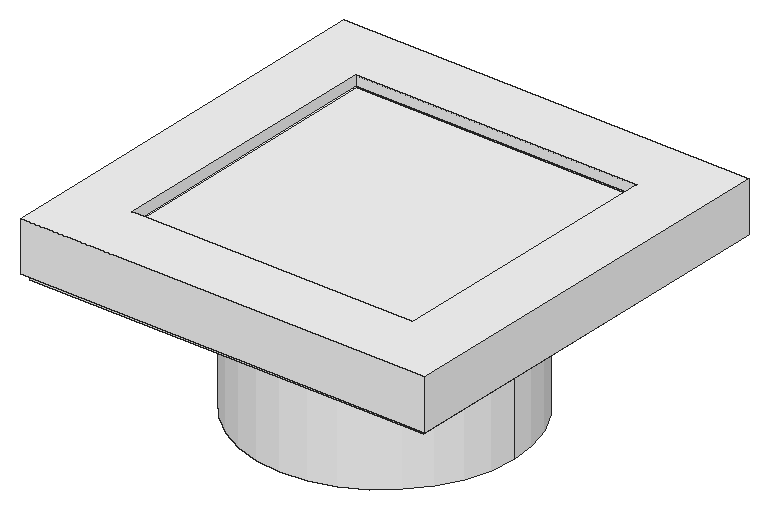
Revit family "Gira_228203", category Electrical Fixtures, host Face, Revit 2017
Family settings
  Host = Face
  Maintain Annotation Orientation = Yes
  Round Connector Dimension = Use Diameter
  Part Type = Normal
  Cut with Voids When Loaded = No
  Shared = No
  Room Calculation Point = No
Parameters (values of type "Lautsprecher UP-Radio RDS System 55 Reinweiß")
  Zusammenstellung = "Basiselement mit Gehäuse-Oberteil"
  White [instance] = White
  Werkstoffgüte = "sonstige"
  Werkstoff = "sonstige"
  URL = "http://katalog.gira.de/de_DE/datenblatt.html?artikelnr=228203"
  Region = "DE"
  RAL-Nummer (ähnlich) = "9010 "
  Oberfläche = "sonstige"
  Name = "Lautsprecher UP-Radio RDS System 55 Reinweiß"
  Montageart = "unter Putz"
  Model = "Sys55_Komplettgerät_Schalten und Tasten"
  Manufacturer URL = "https://www.gira.de/"
  HeinzeBIM = "https://bimportal.heinze.de/bim/lautsprecher-up-radio-rds-system-55-reinweiss/dab982c8373f6ce121e564af653b5a752f21be49"
  Halogenfrei = "Yes"
  HAN = "228203"
  GTIN = "4010337076247"
  Farbe = "weiß"
  Default Elevation = 1219.2 mm
  Data sheet (1) = "https://katalog.gira.de/de_DE/download.html?artikelnr=228203"
  Category = "Elektronik-Gerät für Installationsschalterprogramme"
  Befestigungsart = "Krallen-/Schraubbefestigung"
  Available = "Yes"
  Ausführung der Oberfläche = "glänzend"
  Ausführung = "Radio (*en-EN)"
Reference planes
  plane 1 "Center (Front/Back)": y = 0
  plane 2: z = 0
  plane 3 "Center (Left/Right)": x = 0
Forms (mm)
  Extrusion 1, solid, material "White" <- "White", detail levels medium
    sketch origin (0, 0, 0) x (1, 0, 0) y (0, 1, 0)
      loop
        line (-40.4, 40.4) -> (-40.4, -40.4) -> (40.4, -40.4) -> (40.4, 40.4) -> (-40.4, 40.4)
      loop
        line (-28, 28) -> (-28, -28) -> (28, -28) -> (28, 28) -> (-28, 28)
    from 0 to 10
  Extrusion 2, solid, material "White" <- "White", detail levels fine
    sketch origin (0, 0, 0) x (1, 0, 0) y (0, 1, 0)
      loop
        line (-40.4, 40.4) -> (-40.4, -40.4) -> (40.4, -40.4) -> (40.4, 40.4) -> (-40.4, 40.4)
      loop
        line (-28, 28) -> (-28, -28) -> (28, -28) -> (28, 28) -> (-28, 28)
    from 0 to 10
  Extrusion 3, void
    sketch origin (0, 0, 0) x (1, 0, 0) y (0, 1, 0)
      loop
        line (-38.4, 38.4) -> (-38.4, -38.4) -> (38.4, -38.4) -> (38.4, 38.4) -> (-38.4, 38.4)
    from 0 to 8
  Extrusion 4, solid, material "White" <- "White", detail levels medium+fine
    sketch origin (0, 0, 0) x (1, 0, 0) y (0, 1, 0)
      loop
        line (-39.4, 39.4) -> (-39.4, -39.4) -> (39.4, -39.4) -> (39.4, 39.4) -> (-39.4, 39.4)
    from 0 to -1
  Extrusion 5, solid, material "White" <- "White", detail levels medium+fine
    sketch origin (0, 0, 0) x (1, 0, 0) y (0, 1, 0)
      loop
        line (-35.5, 35.5) -> (-35.5, -35.5) -> (35.5, -35.5) -> (35.5, 35.5) -> (-35.5, 35.5)
    from -2 to -3
  Extrusion 6, solid, material "White" <- "White", detail levels medium+fine
    sketch origin (0, 0, 0) x (1, 0, 0) y (0, 1, 0)
      loop
        circle (0, 0) r 26
    from 0 to -27.5
  Extrusion 7, solid, material "White" <- "White", detail levels coarse
    sketch origin (0, 0, 0) x (1, 0, 0) y (0, 1, 0)
      loop
        line (-40.4, 40.4) -> (-40.4, -40.4) -> (40.4, -40.4) -> (40.4, 40.4) -> (-40.4, 40.4)
    from -27.5 to 10
Cuts and joins
  Extrusion 3 cuts Extrusion 2
Dimensions and locks
  aligned and locked: plane 2 to host face
  aligned and locked: level to host face
  aligned and locked: plane 3 "Center (Left/Right)" to nested 2
  aligned and locked: plane 1 "Center (Front/Back)" to nested 2
Nested families
  nested 1: "Sys55_Abdeckung_Schalten und Tasten_floor_base" at (0, 0, 0), type "Sys55_Abdeckung_Schalten und Tasten_floor_base"
  nested 2: "Schalter" at (0, 0, 0), type "Schalter"
Connectors
  electrical at (0, 0, -27.5)
    settings: on Extrusion 6, index 1, voltage 220 V, apparent load 0 VA, apparent load phase1 0 VA, apparent load phase2 0 VA, apparent load phase3 0 VA, power factor 1, load classification "Other", number of poles 1, system type 30, power factor state 1, is connector primary yes, connector utility no, sub classification motor no, connector description ""
Definition of nested family "Sys55_Abdeckung_Schalten und Tasten_floor_base"
  Parameters
    Default Elevation = 1219.2 mm
    White [instance] = none
  Reference planes
    plane 1 "Center (Front/Back)": y = 0
    plane 2: z = 0
    plane 3 "Center (Left/Right)": x = 0
  Forms (mm)
    Extrusion 1, solid
      sketch origin (0, 0, 0) x (1, 0, 0) y (0, 1, 0)
        loop
          line (-1219.2, 1219.2) -> (-1219.2, -1219.2) -> (1219.2, -1219.2) -> (1219.2, 1219.2) -> (-1219.2, 1219.2)
      from 0 to -304.8
    Extrusion 2, solid, material <- "White", detail levels fine
      sketch origin (0, 0, 0) x (1, 0, 0) y (0, 1, 0)
        loop
          line (-27.5, 27.5) -> (-27.5, -27.5) -> (27.5, -27.5) -> (27.5, 27.5) -> (-27.5, 27.5)
      from 0 to 8
    Extrusion 3, void
      sketch origin (0, 0, 0) x (1, 0, 0) y (0, 1, 0)
        loop
          line (26, 26) -> (-26, 26) -> (-26, -26) -> (26, -26) -> (26, 26)
      from 0 to 6
    Extrusion 4, solid, material <- "White", detail levels medium
      sketch origin (0, 0, 0) x (1, 0, 0) y (0, 1, 0)
        loop
          line (-27.5, 27.5) -> (-27.5, -27.5) -> (27.5, -27.5) -> (27.5, 27.5) -> (-27.5, 27.5)
      from 0 to 8
    Extrusion 5, solid, material <- "White", detail levels medium
      sketch origin (0, 0, 0) x (1, 0, 0) y (0, 1, 0)
        loop
          line (11, -17.5) -> (11, 17.5) -> (-11, 17.5) -> (-11, -17.5) -> (11, -17.5)
      from -6 to 6
    Extrusion 6, solid, material <- "White", detail levels fine
      sketch origin (0, 0, 0) x (1, 0, 0) y (0, 1, 0)
        loop
          line (11, 17.5) -> (-11, 17.5) -> (-11, 16.5) -> (11, 16.5) -> (11, 17.5)
        loop
          line (-11, -16.5) -> (-11, -17.5) -> (11, -17.5) -> (11, -16.5) -> (-11, -16.5)
      from -4 to 6
    Extrusion 7, solid, material <- "White", detail levels fine
      sketch origin (0, 0, 0) x (1, 0, 0) y (0, 1, 0)
        loop
          arc (5, 9.347) -> (0, 10.6) -> (-5, 9.347) r 10.6
          line (-5, 9.347) -> (-5, -9.347)
          arc (-5, -9.347) -> (0, -10.6) -> (5, -9.347) r 10.6
          line (5, -9.347) -> (5, 9.347)
      from -6 to 6
    Extrusion 8, solid, material <- "White", detail levels coarse
      sketch origin (0, 0, 0) x (1, 0, 0) y (0, 1, 0)
        loop
          line (-27.5, 27.5) -> (-27.5, -27.5) -> (27.5, -27.5) -> (27.5, 27.5) -> (-27.5, 27.5)
      from -6 to 8
  Cuts and joins
    Extrusion 3 cuts Extrusion 2
  Dimensions and locks
    aligned and locked: plane 2 to Extrusion 1
    aligned and locked: level to Extrusion 1
Definition of nested family "Schalter"
  Reference planes
    plane 1: y = 0
    plane 2: x = 0
  Lines and regions (mm)
    detail lines
      curve 1: circle (1.375, 2.778, 0) r 0.8 normal (0, 0, 1)
      curve 2: line (1.021, 2.061, 0) -> (0, 0, 0)
      curve 3: line (0, 0, 0) -> (-0.538, 0.266, 0)
  Dimensions and locks
    curve 2 to curve 2 = 2.3 mm
    curve 3 to curve 2 = 0.6 mm
    radius of curve 1 = 0.8 mm
